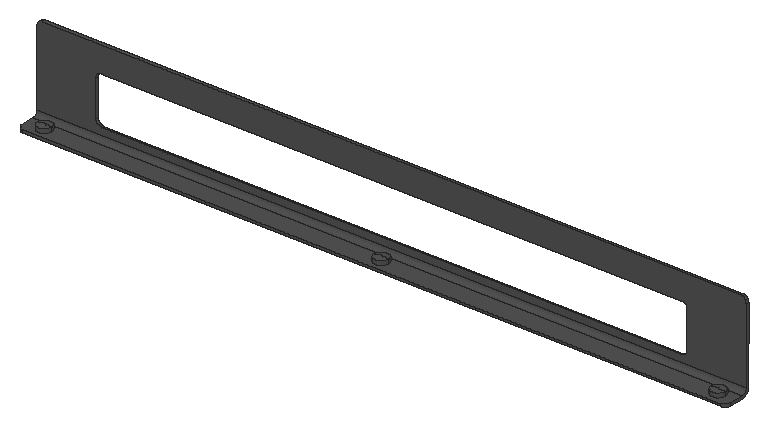
Revit family "CL60026-B_SQUARE SINGLE TOWEL RAIL 600MM", category Specialty Equipment, host Face, Revit 2015
Parameters (values of type "SQUARE SINGLE TOWEL RAIL 600MM BLACK")
  URL = "https://www.clark.com.au/"
  Model = "CL60026.B"
  Material_Base = GWA-Metal-Black
  Manufacturer = "GWA Bathrooms & Kitchens"  # constant formula
  Description = "SQUARE SINGLE TOWEL RAIL 600MM BLACK"
  Default Elevation = 900 mm
  CreatedBy_ANZRS = "GWA Bathrooms & Kitchens"  # constant formula
  Assembly Code = "C1030200"
Types (3, lengths in mm): name | Model | Material_Base | Description
  (no name) | "CL60026.B" | GWA-Metal-Black | "SQUARE SINGLE TOWEL RAIL 600MM BLACK"
  SQUARE SINGLE TOWEL RAIL 600MM BLACK | "CL60026.B" | GWA-Metal-Black | "SQUARE SINGLE TOWEL RAIL 600MM BLACK"
  SQUARE SINGLE TOWEL RAIL 600MM WHITE | "CL60026.W" | GWA-Metal-White | "SQUARE SINGLE TOWEL RAIL 600MM WHITE"
Reference planes
  plane 1 "Center (Front/Back)": y = 0
  plane 2: z = 0
  plane 3 "Center (Left/Right)": x = 0
Forms (mm)
  Extrusion 1, solid, material "GWA-Metal-Black" <- "Material_Base"
    sketch origin (0, 0, 0) x (0, 1, 0) y (0, 0, 1)
      loop
        line (-10, 2) -> (-10, 0) -> (7, 0)
        arc (7, 0) -> (11.243, 1.757) -> (13, 6) r 6
        line (13, 6) -> (13, 75) -> (11, 75) -> (11, 6)
        arc (11, 6) -> (9.828, 3.172) -> (7, 2) r 4
        line (7, 2) -> (-10, 2)
    from -300 to 300
  Revolve 2, solid, material "GWA-Metal-Black" <- "Material_Base"
    sketch origin (0, 0, 0) x (-1, 0, 0) y (0, 0, 1)
      loop
        line (0, 2) -> (0, 6)
        arc (0, 6) -> (-3.041, 5.748) -> (-6, 5) r 18.5
        line (-6, 5) -> (-6, 2) -> (0, 2)
      axis (0, 6) -> (0, 2)
    angle from 0 to 360
  Revolve 3, solid, material "GWA-Metal-Black" <- "Material_Base"
    sketch origin (285, 0, 0) x (-1, 0, 0) y (0, 0, 1)
      loop
        line (0, 2) -> (0, 6)
        arc (0, 6) -> (-3.041, 5.748) -> (-6, 5) r 18.5
        line (-6, 5) -> (-6, 2) -> (0, 2)
      axis (0, 6) -> (0, 2)
    angle from 0 to 360
  Revolve 4, solid, material "GWA-Metal-Black" <- "Material_Base"
    sketch origin (-285, 0, 0) x (1, 0, 0) y (0, 0, -1)
      loop
        line (0, -2) -> (-6, -2) -> (-6, -5)
        arc (-6, -5) -> (-3.041, -5.748) -> (0, -6) r 18.5
        line (0, -6) -> (0, -2)
      axis (0, -6) -> (0, -2)
    angle from 0 to 360
  Extrusion 5, void
    sketch origin (0, -10, 0) x (-1, 0, 0) y (0, 0, 1)
      loop
        line (245, 53) -> (-245, 53)
        arc (-245, 53) -> (-248.536, 51.536) -> (-250, 48) r 5
        line (-250, 48) -> (-250, 17)
        arc (-250, 17) -> (-248.536, 13.464) -> (-245, 12) r 5
        line (-245, 12) -> (245, 12)
        arc (245, 12) -> (248.536, 13.464) -> (250, 17) r 5
        line (250, 17) -> (250, 48)
        arc (250, 48) -> (248.536, 51.536) -> (245, 53) r 5
    from 3 to 50
  Extrusion 6, void
    sketch origin (0, -10, 0) x (-1, 0, 0) y (0, 0, 1)
      loop
        line (-295, 80) -> (-305, 80) -> (-305, 70) -> (-300, 70)
        arc (-300, 70) -> (-298.536, 73.536) -> (-295, 75) r 5
        line (-295, 75) -> (-295, 80)
    from 3 to 50
  Extrusion 7, void
    sketch origin (0, -10, 0) x (1, 0, 0) y (0, 0, -1)
      loop
        line (-295, -80) -> (-295, -75)
        arc (-295, -75) -> (-298.536, -73.536) -> (-300, -70) r 5
        line (-300, -70) -> (-305, -70) -> (-305, -80) -> (-295, -80)
    from 3 to 50
  Extrusion 8, void
    sketch origin (0, 0, 0) x (1, 0, 0) y (0, 1, 0)
      loop
        line (-305, -5) -> (-305, -15) -> (-295, -15) -> (-295, -10)
        arc (-295, -10) -> (-298.536, -8.536) -> (-300, -5) r 5
        line (-300, -5) -> (-305, -5)
    from -20 to 20
  Extrusion 9, void
    sketch origin (0, 0, 0) x (-1, 0, 0) y (0, -1, 0)
      loop
        line (-305, 5) -> (-300, 5)
        arc (-300, 5) -> (-298.536, 8.536) -> (-295, 10) r 5
        line (-295, 10) -> (-295, 15) -> (-305, 15) -> (-305, 5)
    from -20 to 20
Cuts and joins
  Extrusion 5, Extrusion 6, Extrusion 7, Extrusion 8, Extrusion 9 cuts Extrusion 1
Lines and regions (mm)
  Masking region 1
    outline origin (0, 0, 0) x (1, 0, 0) y (0, 1, 0)
      loop
        line (300, 13) -> (-300, 13) -> (-300, -5)
        arc (-300, -5) -> (-298.536, -8.536) -> (-295, -10) r 5
        line (-295, -10) -> (295, -10)
        arc (295, -10) -> (298.536, -8.536) -> (300, -5) r 5
        line (300, -5) -> (300, 13)
  Masking region 2
    outline origin (0, 0, 0) x (1, 0, 0) y (0, 0, 1)
      loop
        line (295, 75) -> (-295, 75)
        arc (-295, 75) -> (-298.536, 73.536) -> (-300, 70) r 5
        line (-300, 70) -> (-300, 0) -> (300, 0) -> (300, 70)
        arc (300, 70) -> (298.536, 73.536) -> (295, 75) r 5
      loop
        line (-245, 12) -> (245, 12)
        arc (245, 12) -> (248.536, 13.464) -> (250, 17) r 5
        line (250, 17) -> (250, 48)
        arc (250, 48) -> (248.536, 51.536) -> (245, 53) r 5
        line (245, 53) -> (-245, 53)
        arc (-245, 53) -> (-248.536, 51.536) -> (-250, 48) r 5
        line (-250, 48) -> (-250, 17)
        arc (-250, 17) -> (-248.536, 13.464) -> (-245, 12) r 5
  Masking region 3
    outline origin (0, 0, 0) x (0, 1, 0) y (0, 0, 1)
      loop
        line (11, 75) -> (11, 6)
        arc (11, 6) -> (9.828, 3.172) -> (7, 2) r 4
        line (7, 2) -> (6, 2) -> (6, 5)
        arc (6, 5) -> (0, 6) -> (-6, 5) r 18.5
        line (-6, 5) -> (-6, 2) -> (-10, 2) -> (-10, 0) -> (7, 0)
        arc (7, 0) -> (11.243, 1.757) -> (13, 6) r 6
        line (13, 6) -> (13, 75) -> (11, 75)
  symbolic lines
    curve 1: circle (285, 0, 0) r 6 normal (0, 0, 1)
    curve 2: circle (0, 0, 0) r 6 normal (0, 0, 1)
    curve 3: circle (-285, 0, 0) r 6 normal (0, 0, 1)
    curve 4: line (-300, 11, 0) -> (300, 11, 0)
    curve 5: line (0, 6, 2) -> (0, -6, 2)
    curve 6: line (0, 6, 5) -> (0, -6, 5)
Dimensions and locks
  aligned and locked: plane 2 to host face
  aligned and locked: level to host face
